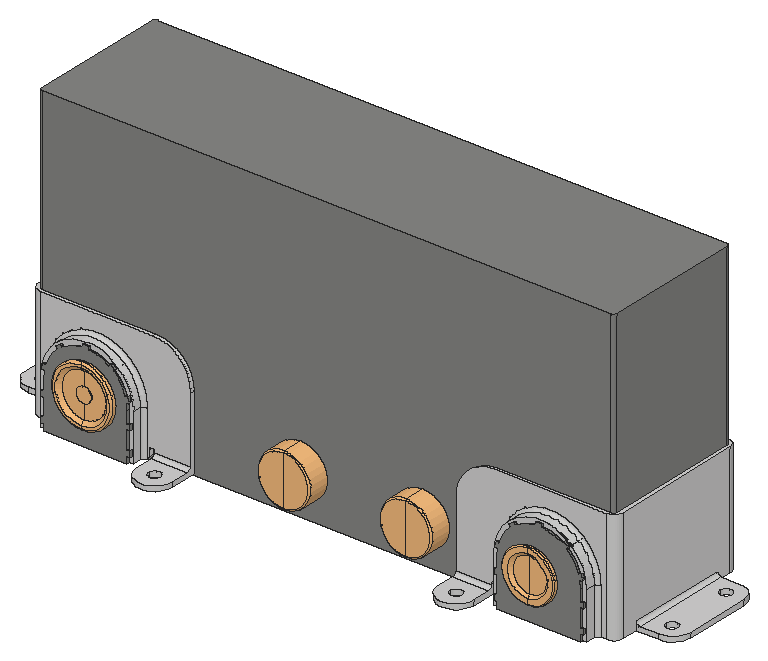
Revit family "Valve-Three_Outlet_Thermostatic-KOHLER-K-26341_1", category Plumbing Fixtures, host Face, Revit 2017 (continued)
Definition of nested family "K-26341"
  Automatic sketch dimensions
    curve 122 to curve 126 = 0"  (x2)
    curve 143 to curve 144 = 0"  (x2)
    curve 143 to curve 145 = 0"  (x2)
    curve 143 to curve 146 = 0"  (x2)
    curve 143 to curve 147 = 0"  (x2)
    curve 143 to curve 148 = 0"  (x2)
    curve 143 to curve 149 = 0"  (x2)
    curve 143 to curve 150 = 0"  (x2)
    curve 144 to curve 145 = 0"  (x2)
    curve 144 to curve 146 = 0"  (x2)
    curve 144 to curve 147 = 0"  (x2)
    curve 144 to curve 148 = 0"  (x2)
    curve 144 to curve 149 = 0"  (x2)
    curve 144 to curve 150 = 0"  (x2)
    curve 145 to curve 146 = 0"  (x2)
    curve 145 to curve 147 = 0"  (x2)
    curve 145 to curve 148 = 0"  (x2)
    curve 145 to curve 149 = 0"  (x2)
    curve 145 to curve 150 = 0"  (x2)
    curve 146 to curve 147 = 0"  (x2)
    curve 146 to curve 148 = 0"  (x2)
    curve 146 to curve 149 = 0"  (x2)
    curve 146 to curve 150 = 0"  (x2)
    curve 147 to curve 148 = 0"  (x2)
    curve 147 to curve 149 = 0"  (x2)
    curve 147 to curve 150 = 0"  (x2)
    curve 148 to curve 149 = 0"  (x2)
    curve 148 to curve 150 = 0"  (x2)
    curve 149 to curve 150 = 0"  (x2)
    curve 204 to curve 205 = 0"  (x2)
    curve 204 to curve 206 = 0"  (x2)
    curve 204 to curve 207 = 0"  (x2)
    curve 205 to curve 206 = 0"  (x2)
    curve 205 to curve 207 = 0"  (x2)
    curve 206 to curve 207 = 0"  (x2)
    curve 212 to curve 213 = 0"  (x2)
    curve 212 to curve 214 = 0"  (x2)
    curve 212 to curve 215 = 0"  (x2)
    curve 213 to curve 214 = 0"  (x2)
    curve 213 to curve 215 = 0"  (x2)
    curve 214 to curve 215 = 0"  (x2)
    curve 49 to plane 10 = 0"
    curve 40 to level = 0"
    curve 38 to plane 9 "1" = 0"
    curve 75 to level = 0"
    plane 20 to curve 215 = 0"
    curve 207 to plane 11 "A" = 0"
    plane 18 "3" to curve 207 = 0"
    curve 140 to plane 10 = 0"
    curve 132 to level = 0"
    plane 8 "2" to curve 149 = 0"
    curve 97 to level = 0"
    curve 146 to plane 11 "A" = 0"
    curve 214 to plane 11 "A" = 0"
    curve 33 to plane 10 = 0"
    curve 58 to plane 9 "1" = 0.04432"
    curve 56 to curve 58 = 0.43249"
    curve 55 to curve 56 = 0.03644"
    curve 54 to curve 56 = 0.09307"
    curve 55 to curve 53 = 0.03644"
    plane 10 to curve 51 = 0.26874"
    curve 51 to curve 54 = 0.24912"
    plane 10 to curve 52 = 0.15414"
    curve 52 to curve 51 = 0.02857"
    level to curve 40 = 0.1378"
    curve 40 to plane 9 "1" = 0.86125"
    curve 44 to curve 40 = 0"
    curve 47 to curve 44 = 0"
    plane 10 to curve 50 = 0.28306"
    curve 50 to curve 53 = 0.05742"
    curve 45 to curve 44 = 0.05906"
    curve 43 to curve 43 = 0.05906"
    plane 10 to curve 70 = 0.00264"
    curve 70 to curve 48 = 0.09843"
    plane 10 to curve 71 = 0.00659"
    curve 71 to curve 70 = 0.07874"
    plane 4 to curve 21 = 0.84646"
    curve 73 to curve 49 = 0"
    curve 72 to curve 73 = 0"
    plane 9 "1" to curve 60 = 0.07379"
    curve 61 to curve 63 = 0.43249"
    curve 61 to curve 63 = 0.03644"
    curve 61 to curve 64 = 0.09307"
    curve 65 to curve 64 = 0.03644"
    plane 10 to curve 68 = 0.26874"
    curve 68 to curve 73 = 0.14067"
    plane 10 to curve 66 = 0.15414"
    curve 65 to curve 66 = 0.02857"
    curve 75 to curve 84 = 0.09843"
    curve 78 to curve 75 = 0"
    plane 10 to curve 67 = 0.28306"
    curve 65 to curve 67 = 0.05742"
    curve 75 to curve 76 = 0.05906"
    curve 82 to curve 82 = 0.05906"
    curve 30 to curve 85 = 0.00197"
    curve 27 to curve 26 = 0.05118"
    curve 24 to curve 24 = 0.05906"
    curve 22 to plane 14 = 0.41339"
    level to curve 28 = 0.01969"
    plane 14 to curve 28 = 0.37402"
    plane 20 to curve 199 = 0.55703"
    curve 200 to curve 196 = 0.01718"
    curve 200 to plane 3 "Center (Left/Right)" = 0.01569"
    curve 199 to curve 197 = 0.01718"
    level to curve 93 = 0.01969"
    plane 17 to curve 93 = 0.37401"
    curve 90 to plane 17 = 0.37402"
    curve 86 to plane 17 = 0.41339"
    curve 89 to curve 89 = 0.05906"
    plane 10 to curve 142 = 0.00659"
    curve 142 to plane 17 = 0.54135"
    curve 142 to curve 95 = 0.00197"
    plane 10 to curve 141 = 0.00264"
    curve 129 to curve 141 = 0.07874"
    curve 130 to curve 139 = 0.03937"
    curve 141 to curve 133 = 0.03937"
    plane 10 to curve 124 = 0.16845"
    curve 130 to curve 124 = 7/128"
    plane 10 to curve 125 = 0.28306"
    curve 123 to curve 125 = 0.02857"
    curve 134 to curve 135 = 0.05906"
    curve 133 to curve 133 = 0.05906"
    curve 130 to curve 140 = 0.09843"
    level to curve 123 = 1.13839"
    plane 10 to curve 125 = 0.26874"
    plane 8 "2" to curve 119 = 0.44389"
    curve 119 to curve 121 = 0.03644"
    curve 119 to curve 120 = 0.09307"
    curve 119 to curve 120 = 0.03644"
    curve 117 to plane 8 "2" = 0.11811"
    curve 129 to curve 106 = 0"
    curve 130 to curve 106 = 0"
    curve 116 to curve 116 = 0.11811"
    curve 114 to curve 113 = 0.43249"
    curve 114 to curve 112 = 0.03644"
    curve 114 to curve 111 = 0.09307"
    curve 110 to curve 111 = 0.03644"
    plane 10 to curve 108 = 0.26874"
    curve 108 to curve 130 = 0.14067"
    plane 10 to curve 109 = 0.15414"
    curve 110 to curve 109 = 0.02857"
    curve 100 to curve 127 = 0.09843"
    curve 100 to curve 97 = 0"
    plane 10 to curve 107 = 0.28306"
    curve 110 to curve 107 = 0.05742"
    curve 101 to curve 102 = 0.05906"
    curve 97 to curve 99 = 0.05906"
    plane 19 to curve 86 = 0.84646"
    level to curve 95 = 0.01969"
    level to curve 30 = 0.01969"
    curve 84 to curve 76 = 0.11811"
    curve 95 to curve 132 = 0.11811"
    curve 97 to curve 98 = 0.1378"
    curve 26 to curve 24 = 0.14564"
    curve 91 to curve 91 = 0.14564"
    curve 75 to curve 78 = 0.11811"
    curve 41 to curve 42 = 0.11811"
    curve 133 to curve 134 = 0.11811"
    curve 98 to curve 99 = 0.11811"
    plane 11 "A" to curve 137 = 0.25591"
    plane 11 "A" to curve 45 = 0.25591"
    plane 11 "A" to curve 80 = 0.25591"
    plane 11 "A" to curve 103 = 0.25591"
    curve 80 to curve 82 = 0.11811"
    curve 102 to curve 103 = 0.11811"
    curve 136 to curve 140 = 0.11811"
    curve 44 to curve 48 = 0.11811"
    plane 10 to curve 88 = 0.61024"
    plane 10 to curve 23 = 0.61024"
    curve 110 to curve 112 = 0.04664"
    curve 65 to curve 62 = 0.04664"
    curve 121 to curve 119 = 0.04664"
    curve 53 to curve 54 = 0.04664"
    curve 114 to curve 115 = 0.05918"
    curve 57 to curve 58 = 0.05918"
    plane 10 to curve 199 = 2.24135"
    curve 198 to curve 200 = 0.38428"
    curve 199 to curve 194 = 0.47517"
    curve 200 to curve 195 = 0.47517"
    curve 194 to curve 197 = 1.1811"
    curve 195 to curve 194 = 1.1811"
    curve 151 to plane 7 = 0.37402"
    plane 4 to curve 151 = 0.94488"
    level to curve 31 = 0.01969"
    curve 31 to curve 74 = 0.32315"
    plane 3 "Center (Left/Right)" to curve 198 = 0.00149"
    plane 19 to curve 151 = 0.94488"
    level to curve 96 = 0.01969"
    curve 131 to curve 96 = 0.32315"
    curve 88 to curve 94 = 0.09843"
    curve 29 to curve 25 = 0.09839"
    level to curve 207 = 0.33465"
    level to curve 212 = 0.33465"
    level to curve 150 = 0.33465"
    level to curve 36 = 0.34445"
    curve 143 to curve 144 = 0.01969"
    curve 204 to curve 206 = 0.02833"
    curve 212 to curve 213 = 0.02833"
    curve 35 to curve 34 = 0.03942"
    curve 37 to curve 38 = 0.05704"
    curve 144 to curve 145 = 0.11308"
    curve 33 to curve 39 = 0.07881"
    curve 145 to curve 146 = 0.05913"
    plane 15 to Extrusion 1 sketch curve = 0"
    Extrusion 1 sketch curve to plane 16 = 0"
    plane 15 to Extrusion 1 sketch curve = 0.07874"  (x2)
    plane 4 to Extrusion 1 sketch curve = 0.94488"
    Extrusion 1 sketch curve to Extrusion 1 sketch curve = 0.07874"  (x2)
    plane 19 to Extrusion 1 sketch curve = 1.02362"
    plane 4 to Extrusion 2 sketch curve = 0.84646"
    level to Extrusion 2 sketch curve = 0.01969"  (x4)
    Extrusion 2 sketch curve to plane 14 = 0.54331"
    Extrusion 2 sketch curve to Extrusion 2 sketch curve = 0.05118"  (x2)
    Extrusion 2 sketch curve to Extrusion 2 sketch curve = 0.05906"  (x2)
    Extrusion 2 sketch curve to plane 14 = 0.41339"
    plane 14 to Extrusion 2 sketch curve = 0.37402"
    plane 17 to Extrusion 2 sketch curve = 0.37401"
    Extrusion 2 sketch curve to plane 17 = 0.37402"
    Extrusion 2 sketch curve to plane 17 = 0.41339"
    plane 19 to Extrusion 2 sketch curve = 0.84646"
    Extrusion 2 sketch curve to Extrusion 2 sketch curve = 0.14564"  (x2)
    plane 10 to Extrusion 2 sketch curve = 0.61024"  (x2)
    Sweep 3 sketch curve to profile plane = 0"  (x2)
    Sweep 3 sketch curve to profile plane = 0.19685"
    Sweep 4 sketch curve to profile plane = 0"  (x2)
    Sweep 4 sketch curve to profile plane = 0.19685"
    profile plane to Sweep 5 sketch curve = 0"
    Sweep 5 sketch curve to profile plane = 0"
    Sweep 5 sketch curve to Sweep 5 sketch curve = 0.19685"
    profile plane to Sweep 6 sketch curve = 0"
    Sweep 6 sketch curve to profile plane = 0"
    Sweep 6 sketch curve to profile plane = 0.19685"
    Extrusion 7 sketch curve to Extrusion 7 sketch curve = 0"  (x12)
    Extrusion 7 sketch curve to plane 4 = 0"
    Extrusion 7 sketch curve to plane 14 = 0"  (x2)
    Extrusion 7 sketch curve to plane 19 = 0"
    plane 4 to Extrusion 7 sketch curve = 0.37402"  (x2)
    Extrusion 7 sketch curve to Extrusion 7 sketch curve = 0.47244"
    Extrusion 7 sketch curve to plane 15 = 0.07874"  (x2)
    Extrusion 7 sketch curve to plane 14 = 0.37401"  (x2)
    Extrusion 7 sketch curve to plane 16 = 0.07874"  (x2)
    plane 17 to Extrusion 7 sketch curve = 0.374"  (x2)
    Extrusion 7 sketch curve to plane 17 = 0"  (x2)
    plane 15 to Extrusion 7 sketch curve = 0.45276"
    plane 19 to Extrusion 7 sketch curve = 0.84646"
    plane 19 to Extrusion 7 sketch curve = 0.37402"  (x2)
    plane 13 to Extrusion 7 sketch curve = 0.07874"  (x2)
    plane 16 to Extrusion 7 sketch curve = 0.45276"  (x2)
    Extrusion 7 sketch curve to Extrusion 7 sketch curve = 0.01969"  (x4)
    Extrusion 7 sketch curve to plane 1 "Center (Front/Back)" = 0.68898"
    plane 12 to Extrusion 7 sketch curve = 0.07874"  (x2)
    level to Extrusion 8 sketch curve = 0.01969"  (x2)
    Extrusion 8 sketch curve to plane 9 "1" = 0.95968"
    plane 10 to Extrusion 8 sketch curve = 0.00264"
    plane 9 "1" to Extrusion 8 sketch curve = 0.01473"
    plane 10 to Extrusion 8 sketch curve = 0.00659"
    Extrusion 8 sketch curve to plane 17 = 0.62009"
    Extrusion 8 sketch curve to plane 8 "2" = 0.17717"
    Extrusion 9 sketch curve to Extrusion 9 sketch curve = 0"  (x66)
    Extrusion 9 sketch curve to level = 0"  (x2)
    Extrusion 9 sketch curve to plane 10 = 0"  (x3)
    Extrusion 9 sketch curve to plane 9 "1" = 0"
    plane 8 "2" to Extrusion 9 sketch curve = 0"
    Extrusion 9 sketch curve to plane 11 "A" = 0"
    Extrusion 9 sketch curve to plane 9 "1" = 0.04432"
    Extrusion 9 sketch curve to Extrusion 9 sketch curve = 0.43249"  (x3)
    Extrusion 9 sketch curve to Extrusion 9 sketch curve = 0.03644"  (x8)
    Extrusion 9 sketch curve to Extrusion 9 sketch curve = 0.09307"  (x4)
    plane 10 to Extrusion 9 sketch curve = 0.26874"  (x4)
    Extrusion 9 sketch curve to Extrusion 9 sketch curve = 0.24912"  (x3)
    plane 10 to Extrusion 9 sketch curve = 0.15414"  (x3)
    Extrusion 9 sketch curve to Extrusion 9 sketch curve = 0.02857"  (x4)
    Extrusion 9 sketch curve to Extrusion 9 sketch curve = 0.01367"
    plane 10 to Extrusion 9 sketch curve = 0.28306"  (x4)
    Extrusion 9 sketch curve to Extrusion 9 sketch curve = 0.05742"  (x3)
    Extrusion 9 sketch curve to Extrusion 9 sketch curve = 0.05906"  (x9)
    plane 9 "1" to Extrusion 9 sketch curve = 0.07379"
    Extrusion 9 sketch curve to plane 14 = 0.7185"
    plane 11 "A" to Extrusion 9 sketch curve = 0.1378"
    Extrusion 9 sketch curve to plane 17 = 0.65946"
    plane 10 to Extrusion 9 sketch curve = 0.16845"
    Extrusion 9 sketch curve to Extrusion 9 sketch curve = 0.0153"
    level to Extrusion 9 sketch curve = 1.13839"
    plane 8 "2" to Extrusion 9 sketch curve = 0.44389"
    Extrusion 9 sketch curve to plane 8 "2" = 0.11811"
    Extrusion 9 sketch curve to Extrusion 9 sketch curve = 0.11811"  (x9)
    Extrusion 9 sketch curve to Extrusion 9 sketch curve = 0.1378"  (x3)
    level to Extrusion 9 sketch curve = 0.1378"
    plane 11 "A" to Extrusion 9 sketch curve = 0.25591"  (x3)
    Extrusion 9 sketch curve to Extrusion 9 sketch curve = 0.04664"  (x4)
    Extrusion 9 sketch curve to Extrusion 9 sketch curve = 0.05918"  (x2)
    Revolve 10 sketch curve to plane 10 = 0"  (x3)
    Revolve 10 sketch curve to plane 13 = 0"
    Revolve 10 sketch curve to plane 12 = 0"
    Revolve 10 sketch curve to plane 15 = 0"
    Revolve 10 sketch curve to plane 16 = 0"
    Revolve 10 sketch curve to plane 12 = 0.07881"
    plane 10 to Revolve 10 sketch curve = 0.46454"  (x2)
    Revolve 10 sketch curve to plane 13 = 0.07881"
    Revolve 10 sketch curve to Revolve 10 sketch curve = 0.07881"  (x2)
    Revolve 10 sketch curve to Revolve 10 sketch curve = 0.05704"  (x2)
    Revolve 10 sketch curve to Revolve 10 sketch curve = 0.03942"
    Revolve 10 sketch curve to Revolve 10 sketch curve = 0.17527"
    Revolve 10 sketch curve to plane 12 = 0.03942"
    Revolve 10 sketch curve to plane 13 = 0.03942"
    plane 5 to Revolve 10 sketch curve = 0.19685"
    Revolve 10 sketch curve to Revolve 10 sketch curve = 0.07874"
    plane 11 "A" to Revolve 11 sketch curve = 0"  (x3)
    Revolve 11 sketch curve to plane 13 = 0.07881"
    plane 10 to Revolve 11 sketch curve = 0.26086"  (x2)
    Revolve 11 sketch curve to plane 12 = 0.07881"
    Revolve 11 sketch curve to plane 12 = 0.01969"
    Revolve 11 sketch curve to Revolve 11 sketch curve = 0.05913"  (x2)
    Revolve 11 sketch curve to plane 13 = 0.01969"
    Revolve 11 sketch curve to Revolve 11 sketch curve = 0.11308"  (x2)
    Revolve 11 sketch curve to plane 13 = 0.04488"
    Revolve 11 sketch curve to Revolve 11 sketch curve = 0.01969"  (x2)
    Revolve 11 sketch curve to Revolve 11 sketch curve = 0.0252"
    Revolve 11 sketch curve to plane 15 = 0.09843"
    Revolve 11 sketch curve to plane 16 = 0.09843"
    plane 5 to Revolve 11 sketch curve = 0.32325"
    Revolve 11 sketch curve to plane 6 = 0.16487"
    profile plane to Sweep 12 sketch curve = 0"
    Sweep 12 sketch curve to profile plane = 0"
    Sweep 12 sketch curve to Sweep 12 sketch curve = 0.07874"
    Sweep 13 sketch curve to profile plane = 0"
    profile plane to Sweep 13 sketch curve = 0"
    profile plane to Sweep 13 sketch curve = 0.07874"
    profile plane to Sweep 14 sketch curve = 0"
    Sweep 14 sketch curve to profile plane = 0"
    Sweep 14 sketch curve to Sweep 14 sketch curve = 0.07874"
    Extrusion 15 sketch curve to plane 16 = 0.15748"
    Extrusion 15 sketch curve to Extrusion 15 sketch curve = 0.07874"  (x2)
    Extrusion 15 sketch curve to plane 15 = 0.07874"
    level to Extrusion 15 sketch curve = 0.11811"  (x2)
    Extrusion 16 sketch curve to plane 16 = 0.15748"
    Extrusion 16 sketch curve to Extrusion 16 sketch curve = 0.07874"  (x2)
    Extrusion 16 sketch curve to plane 15 = 0.07874"
    level to Extrusion 16 sketch curve = 0.11811"  (x2)
    plane 15 to Masking region 1 sketch curve = 0.11811"  (x2)
    Masking region 1 sketch curve to plane 15 = 0.07874"
    Masking region 1 sketch curve to plane 16 = 0.07874"
    Masking region 1 sketch curve to Masking region 1 sketch curve = 0.19685"
    Masking region 1 sketch curve to Masking region 1 sketch curve = 5.93504"  (x2)
    Masking region 2 sketch curve to plane 4 = 0"
    Masking region 2 sketch curve to level = 0"
    Masking region 2 sketch curve to plane 7 = 0"
    plane 19 to Masking region 2 sketch curve = 0"
    level to Masking region 2 sketch curve = 0.11811"  (x2)
    plane 4 to Masking region 2 sketch curve = 0.76772"
    plane 4 to Masking region 2 sketch curve = 0.84646"
    level to Masking region 2 sketch curve = 0.01969"  (x2)
    Masking region 2 sketch curve to Masking region 2 sketch curve = 0.15104"
    Masking region 2 sketch curve to Masking region 2 sketch curve = 0.02612"  (x2)
    plane 4 to Masking region 2 sketch curve = 0.94488"
    plane 19 to Masking region 2 sketch curve = 0.94488"  (x2)
    Masking region 2 sketch curve to Masking region 2 sketch curve = 0.0723"
    Masking region 2 sketch curve to Masking region 2 sketch curve = 0.07874"
    plane 10 to Masking region 2 sketch curve = 1.39764"  (x2)
    Masking region 3 sketch curve to plane 7 = 0"
    Masking region 3 sketch curve to plane 15 = 0"
    Masking region 3 sketch curve to plane 16 = 0"
    Masking region 3 sketch curve to plane 12 = 0"
    Masking region 3 sketch curve to plane 13 = 0"
    Masking region 3 sketch curve to plane 5 = 0"
    Masking region 3 sketch curve to plane 6 = 0"
    Masking region 3 sketch curve to level = 0"
    Masking region 3 sketch curve to plane 15 = 0.07874"
    plane 10 to Masking region 3 sketch curve = 1.39764"  (x2)
    Masking region 3 sketch curve to Masking region 3 sketch curve = 0.33789"  (x2)
    Masking region 3 sketch curve to plane 16 = 0.07874"
    Masking region 3 sketch curve to Masking region 3 sketch curve = 0.07874"  (x3)
    Masking region 3 sketch curve to Masking region 3 sketch curve = 0.04783"  (x2)
    Masking region 3 sketch curve to plane 12 = 0.05906"
    Masking region 3 sketch curve to Masking region 3 sketch curve = 0.27373"
    Masking region 3 sketch curve to plane 13 = 0.09843"
    Masking region 3 sketch curve to Masking region 3 sketch curve = 0.29337"
    Masking region 3 sketch curve to Masking region 3 sketch curve = 0.05906"
    Masking region 3 sketch curve to Masking region 3 sketch curve = 0.03942"
    level to Masking region 3 sketch curve = 0.38387"  (x2)
    Masking region 3 sketch curve to plane 12 = 0.01969"
    Masking region 3 sketch curve to Masking region 3 sketch curve = 0.02954"
    Masking region 3 sketch curve to plane 13 = 0.04488"
    Masking region 3 sketch curve to Masking region 3 sketch curve = 0.04922"
    Masking region 3 sketch curve to Masking region 3 sketch curve = 0.03076"
    Masking region 3 sketch curve to Masking region 3 sketch curve = 0.11811"
    level to Masking region 3 sketch curve = 0.11811"
    level to Masking region 3 sketch curve = 0.01969"  (x2)
    Masking region 3 sketch curve to plane 12 = 0.03293"
    Masking region 3 sketch curve to Masking region 3 sketch curve = 0.02612"  (x2)
    Masking region 3 sketch curve to Masking region 3 sketch curve = 0.03937"  (x2)
    Masking region 3 sketch curve to Masking region 3 sketch curve = 0.05354"
    Masking region 3 sketch curve to plane 13 = 0.05906"
    Masking region 3 sketch curve to plane 13 = 0.03942"
    curve 173 to plane 16 = 0"
    curve 173 to plane 15 = 0"
    curve 191 to plane 13 = 0"
    curve 172 to plane 12 = 0"
    curve 178 to plane 1 "Center (Front/Back)" = 0"
    curve 177 to level = 0"
    curve 179 to level = 0"
    curve 158 to level = 0"
    curve 160 to level = 0"
    curve 160 to plane 15 = 0"
    curve 179 to plane 16 = 0"
    level to curve 159 = 0.01969"
    curve 208 to curve 208 = 0.1381"
    curve 155 to curve 155 = 0.13977"
    curve 191 to plane 13 = 0.03942"
    curve 191 to curve 176 = 0.32476"
    curve 152 to plane 15 = 0.07874"
    plane 10 to curve 152 = 1.39764"
    curve 157 to plane 12 = 0.1378"
    plane 15 to curve 208 = 0.32889"
    curve 208 to curve 209 = 0.06193"
    plane 16 to curve 155 = 0.45276"
    curve 155 to curve 211 = 0.06314"
    curve 175 to plane 16 = 0.07874"
    curve 176 to plane 13 = 0.1378"
    level to curve 174 = 0.01969"
    curve 192 to curve 177 = 0.01969"
    curve 155 to curve 154 = 0.04134"
    curve 161 to curve 157 = 0.11811"
    curve 180 to curve 192 = 0.11811"
    curve 193 to curve 181 = 0.08854"
    curve 162 to plane 12 = 0.05906"
    curve 162 to curve 161 = 0.11811"
    curve 171 to plane 12 = 0.03942"
    curve 171 to curve 162 = 0.083"
    curve 172 to curve 171 = 0.00554"
    curve 172 to curve 172 = 0.03942"
    curve 191 to curve 190 = 0.03942"
    curve 182 to plane 13 = 0.09843"
    plane 11 "A" to curve 182 = 0.25591"
    curve 163 to curve 172 = 0.24605"
    curve 164 to curve 163 = 0.11811"
    curve 183 to curve 182 = 0.11811"
    plane 10 to curve 184 = 0.15414"
    plane 10 to curve 165 = 0.15414"
    curve 185 to curve 184 = 0.01432"
    curve 166 to curve 165 = 0.01432"
    curve 167 to curve 166 = 0.1146"
    curve 186 to curve 185 = 0.1146"
    curve 190 to curve 186 = 0.35675"
    curve 171 to curve 167 = 0.35675"
    curve 168 to curve 171 = 0.01255"
    curve 187 to curve 190 = 0.01255"
    curve 169 to curve 168 = 0.04664"
    curve 188 to curve 187 = 0.04664"
    curve 170 to curve 169 = 0.07272"
    curve 189 to curve 188 = 0.07272"
    curve 158 to curve 170 = 0.16146"
    curve 177 to curve 189 = 0.16146"
    curve 157 to curve 158 = 0.04783"
    curve 176 to curve 177 = 0.04783"
    curve 173 to plane 7 = 0.26084"
    plane 12 to curve 174 = 0.12123"
    curve 160 to plane 15 = 0.02811"
    curve 179 to plane 16 = 0.02811"
    plane 13 to curve 192 = 0.12123"
    plane 15 to Extrusion 17 sketch curve = 0"
    Extrusion 17 sketch curve to plane 16 = 0"
    plane 4 to Extrusion 17 sketch curve = 0.94488"
    plane 19 to Extrusion 17 sketch curve = 0.94488"
    Extrusion 18 sketch curve to level = 0"  (x2)
    Extrusion 18 sketch curve to plane 9 "1" = 0.86125"
    plane 10 to Extrusion 18 sketch curve = 0.00545"  (x2)
    plane 9 "1" to Extrusion 18 sketch curve = 0.01473"
    plane 8 "2" to Extrusion 18 sketch curve = 0.69882"
    Extrusion 18 sketch curve to plane 8 "2" = 0.17717"
    plane 15 to Extrusion 19 sketch curve = 0"  (x2)
    Extrusion 19 sketch curve to plane 16 = 0"  (x2)
    Extrusion 19 sketch curve to plane 16 = 0.07874"  (x2)
    plane 4 to Extrusion 19 sketch curve = 0.84646"
    Extrusion 19 sketch curve to Extrusion 19 sketch curve = 0.09843"  (x2)
    plane 14 to Extrusion 19 sketch curve = 0.37402"  (x2)
    plane 17 to Extrusion 19 sketch curve = 0.37401"  (x2)
    plane 19 to Extrusion 19 sketch curve = 0.94488"
    Extrusion 19 sketch curve to plane 15 = 0.07874"
    Extrusion 19 sketch curve to Extrusion 19 sketch curve = 0.07874"
    Extrusion 20 sketch curve to Extrusion 20 sketch curve = 0"  (x16)
    Extrusion 20 sketch curve to plane 4 = 0"
    Extrusion 20 sketch curve to plane 5 = 0"  (x2)
    plane 6 to Extrusion 20 sketch curve = 0"  (x2)
    Extrusion 20 sketch curve to plane 19 = 0"
    plane 4 to Extrusion 20 sketch curve = 0.37402"  (x2)
    Extrusion 20 sketch curve to Extrusion 20 sketch curve = 0.47244"
    Extrusion 20 sketch curve to plane 14 = 0.37401"  (x2)
    Extrusion 20 sketch curve to plane 16 = 0.07874"  (x2)
    plane 14 to Extrusion 20 sketch curve = 0"  (x2)
    plane 14 to Extrusion 20 sketch curve = 0.37402"  (x2)
    plane 17 to Extrusion 20 sketch curve = 0.374"  (x2)
    Extrusion 20 sketch curve to plane 17 = 0"  (x2)
    Extrusion 20 sketch curve to plane 15 = 0.07874"  (x2)
    Extrusion 20 sketch curve to plane 17 = 0.37402"  (x2)
    plane 19 to Extrusion 20 sketch curve = 0.84646"
    plane 19 to Extrusion 20 sketch curve = 0.37402"  (x2)
    plane 13 to Extrusion 20 sketch curve = 0.07874"  (x2)
    plane 16 to Extrusion 20 sketch curve = 0.45276"  (x2)
    Extrusion 20 sketch curve to Extrusion 20 sketch curve = 0.35433"  (x4)
    Extrusion 20 sketch curve to plane 1 "Center (Front/Back)" = 0.70866"  (x2)
    plane 12 to Extrusion 20 sketch curve = 0.07874"  (x2)
    Extrusion 20 sketch curve to Extrusion 20 sketch curve = 0.12598"  (x4)
    Extrusion 20 sketch curve to plane 14 = 0.12598"  (x2)
    plane 17 to Extrusion 20 sketch curve = 0.12597"  (x2)
    Extrusion 21 sketch curve to plane 9 "1" = 0"
    Extrusion 21 sketch curve to plane 10 = 0"
    Extrusion 22 sketch curve to plane 9 "1" = 0"
    plane 8 "2" to Extrusion 22 sketch curve = 0"
    Extrusion 22 sketch curve to plane 11 "A" = 0"
    Extrusion 22 sketch curve to plane 10 = 0"
    level to Extrusion 23 sketch curve = 0.11811"  (x2)
    plane 4 to Extrusion 23 sketch curve = 0.76772"
    Extrusion 23 sketch curve to Extrusion 23 sketch curve = 0.07874"  (x2)
    plane 19 to Extrusion 23 sketch curve = 0.84646"
    Revolve 24 sketch curve to plane 15 = 0"
    Revolve 24 sketch curve to plane 16 = 0"
    plane 11 "A" to Revolve 24 sketch curve = 0"  (x3)
    Revolve 24 sketch curve to plane 13 = 0.01969"
    plane 10 to Revolve 24 sketch curve = 0.42443"  (x2)
    Revolve 24 sketch curve to plane 12 = 0.01969"
    Revolve 24 sketch curve to Revolve 24 sketch curve = 0.02833"  (x3)
    Revolve 24 sketch curve to plane 12 = 0.04801"
    plane 5 to Revolve 24 sketch curve = 1.51581"
    plane 6 to Revolve 24 sketch curve = 0.49208"
    Sweep 25 sketch curve to profile plane = 0"
    profile plane to Sweep 25 sketch curve = 0"
    profile plane to Sweep 25 sketch curve = 0.07874"
    Extrusion 26 sketch curve to Extrusion 26 sketch curve = 0"  (x4)
    Extrusion 26 sketch curve to plane 11 "A" = 0"  (x2)
    plane 20 to Extrusion 26 sketch curve = 0"
    plane 18 "3" to Extrusion 26 sketch curve = 0"
    level to Extrusion 26 sketch curve = 0.33465"  (x2)
    Revolve 27 sketch curve to plane 15 = 0"
    Revolve 27 sketch curve to plane 16 = 0"
    plane 11 "A" to Revolve 27 sketch curve = 0"  (x3)
    Revolve 27 sketch curve to plane 13 = 0.01969"
    plane 10 to Revolve 27 sketch curve = 0.42443"  (x2)
    Revolve 27 sketch curve to plane 12 = 0.01969"
    Revolve 27 sketch curve to Revolve 27 sketch curve = 0.02833"  (x3)
    Revolve 27 sketch curve to plane 12 = 0.04801"
    plane 5 to Revolve 27 sketch curve = 1.51581"
    plane 6 to Revolve 27 sketch curve = 0.49208"
    curve 216 to Revolve 28 sketch curve = 0.15748"
    Revolve 28 sketch curve to curve 216 = 0.20097"
    curve 216 to Revolve 28 sketch curve = 0.09752"
    curve 216 to Revolve 28 sketch curve = 0.38443"
    Revolve 29 sketch curve to curve 217 = 0"
    Revolve 29 sketch curve to curve 217 = 0.08207"
    Revolve 29 sketch curve to curve 217 = 0.15748"
    Revolve 29 sketch curve to Revolve 29 sketch curve = 0.9252"
    curve 218 to Revolve 30 sketch curve = 0.49049"
    curve 218 to Revolve 30 sketch curve = 0.73125"
    Revolve 30 sketch curve to curve 218 = 0.15748"
    Revolve 30 sketch curve to Revolve 30 sketch curve = 0.07202"
    curve 216 to plane 20 = 0"
    curve 217 to plane 18 "3" = 0"
    curve 218 to plane 8 "2" = 0"
    plane 16 to Masking region 1 sketch curve = 0.11811"
    plane 4 to Masking region 1 sketch curve = 1.04331"
    Masking region 1 sketch curve to Masking region 1 sketch curve = 1.496"
    Masking region 1 sketch curve to Masking region 1 sketch curve = 1.23031"
    Masking region 1 sketch curve to plane 3 "Center (Left/Right)" = 0"
    plane 15 to curve 14 = 0"
    curve 17 to plane 16 = 0"
    plane 16 to curve 16 = 0.07874"
    plane 4 to curve 16 = 0.94488"
    curve 15 to curve 15 = 0.07874"
    plane 19 to curve 14 = 1.02362"
    plane 19 to curve 17 = 1.02362"
    curve 219 to curve 19 = 0.07874"
    radius of Extrusion 7 sketch curve = 0.12598"  (x8)
    radius of Extrusion 9 sketch curve = 0.54335"
    radius of Extrusion 9 sketch curve = 0.41841"
    radius of Extrusion 21 sketch curve = 0.15748"
    radius of Extrusion 22 sketch curve = 0.63981"
    radius of Extrusion 22 sketch curve = 0.55118"
